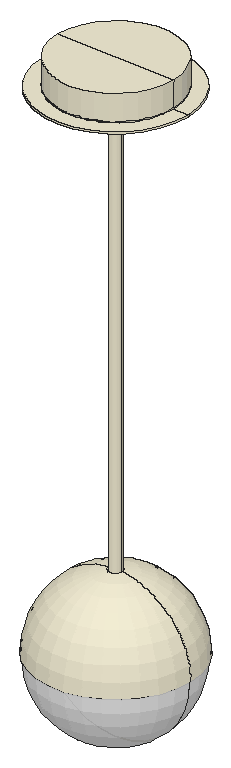
Revit family "3-6900 Mondo Pendant", category Lighting Fixtures, host Ceiling, Revit 2018
Family settings
  Host = Ceiling
  Round Connector Dimension = Use Diameter
  Part Type = Normal
  OmniClass Number = 23.80.70.11
  OmniClass Title = Luminaries for Internal Lighting
  Always vertical = Yes
  Cut with Voids When Loaded = No
  Light Source = Yes
  Shared = No
  Room Calculation Point = No
Parameters (values of type "3-6900-24 / Satin Nickel - Matte Opal Glass")
  Wattage Comments = "6.95 W at 120 V"  # constant formula
  Wattage = 6.95 W
  built-in parameter 1150110 = 1 (stored number, unit not read)
  Voltage Input = "120 V or 277 V - 50/60 Hz"  # constant formula
  Voltage = 120 V
  URL = "www.oxygenlighting.com"
  built-in parameter 1114217 = 1 (stored number, unit not read)
  Tilt Angle = 90.00°  # constant formula
  built-in parameter 1150109 = 1 (stored number, unit not read)
  built-in parameter 1150134 = (empty or 0)
  built-in parameter 1150113 = 1 (stored number, unit not read)
  References = "Ref. 3 = 120 V / Ref. 37 = 277 V"  # constant formula
  Photometric Web File = "3-6900-24 Mondo Pendant.ies"
  Model = "3-6900-xx / Mondo Pendant"  # constant formula
  Metal Finish = 24 - Satin Nickel
  Manufacturer = "Oxygen - Lighting & Fans"  # constant formula
  Lumens = 394.065 lm
  built-in parameter 1150115 = 1 (stored number, unit not read)
  built-in parameter 1150105 = 31.359 (stored number, unit not read)
  built-in parameter 1150137 = (empty or 0)
  built-in parameter 1150139 = (empty or 0)
  built-in parameter 1150112 = 1 (stored number, unit not read)
  built-in parameter 1150114 = 1 (stored number, unit not read)
  Lamp = "LED Array"  # constant formula
  built-in parameter 1150132 = (empty or 0)
  built-in parameter 1150102 = (empty or 0)
  built-in parameter 1150138 = (empty or 0)
  built-in parameter 1150107 = 3000 (stored number, unit not read)
  built-in parameter 1150106 = 0.31359 (stored number, unit not read)
  built-in parameter 1150104 = 5.2676 (stored number, unit not read)
  Dimming Lamp Color Temperature Shift = <None>
  Main Diffuser = Matte Opal Glass
  Color Filter = 16777215
  built-in parameter 1114218 = 1 (stored number, unit not read)
  built-in parameter 1150133 = 10 (stored number, unit not read)
Types (13): name | built-in parameter 1150134 | Metal Finish | built-in parameter 1150107
  (no name) | (empty or 0) | 24 - Satin Nickel | 3000 (stored number, unit not read)
  3-6900-24 / Satin Nickel - Matte Opal Glass | (empty or 0) | 24 - Satin Nickel | 3000 (stored number, unit not read)
  3-6900-40 / Aged Brass - Matte Opal Glass | (empty or 0) | 40 - Aged Brass | 3000 (stored number, unit not read)
  3-6900-15 / Black - Matte Opal Glass | (empty or 0) | 15 - Black | 3000 (stored number, unit not read)
  3-6900-2715 / Black - Matte Opal Glass | (empty or 0) | 15 - Black | 2700 (stored number, unit not read)
  3-6900-2724 / Satin Nickel - Matte Opal Glass | (empty or 0) | 24 - Satin Nickel | 3000 (stored number, unit not read)
  3-6900-2740 / Aged Brass - Matte Opal Glass | (empty or 0) | 40 - Aged Brass | 2700 (stored number, unit not read)
  3-6900-3515 / Black - Matte Opal Glass | (empty or 0) | 15 - Black | 3500 (stored number, unit not read)
  3-6900-3524 / Satin Nickel - Matte Opal Glass | (empty or 0) | 24 - Satin Nickel | 3500 (stored number, unit not read)
  3-6900-3540 / Aged Brass - Matte Opal Glass | (empty or 0) | 40 - Aged Brass | 3500 (stored number, unit not read)
  3-6900-4015 / Black - Matte Opal Glass | 12 | 15 - Black | 4000 (stored number, unit not read)
  3-6900-4024 / Satin Nickel - Matte Opal Glass | 12 | 24 - Satin Nickel | 4000 (stored number, unit not read)
  3-6900-4040 / Aged Brass - Matte Opal Glass | 12 | 40 - Aged Brass | 4000 (stored number, unit not read)
Reference planes (in)
  plane 1 "Light Source Axis (F/B)": y = 0
  plane 2 "Ceiling": z = 96
  plane 3 "Light Source Axis (L/R)": x = 0
  plane 4 "Light Source Elevation": z = 74.39579
  plane 5: z = 94.87795
  plane 6: z = 94.6811
Forms (in)
  Extrusion 1, solid, material "24 - Satin Nickel" <- "Metal Finish"
    sketch origin (0, 0, 0) x (1, 0, 0) y (0, 1, 0)
      loop
        line (0, 0.62961) -> (-0.05867, 0.59573) -> (-0.12283, 0.61751) -> (-0.17377, 0.57284) -> (-0.24094, 0.58168) -> (-0.28218, 0.52793) -> (-0.34979, 0.5235) -> (-0.37976, 0.46273) -> (-0.4452, 0.4452) -> (-0.46273, 0.37976) -> (-0.5235, 0.34979) -> (-0.52793, 0.28218) -> (-0.58168, 0.24094) -> (-0.57284, 0.17377) -> (-0.61751, 0.12283) -> (-0.59573, 0.05867) -> (-0.62961, 0) -> (-0.59573, -0.05867) -> (-0.61751, -0.12283) -> (-0.57284, -0.17377) -> (-0.58168, -0.24094) -> (-0.52793, -0.28218) -> (-0.5235, -0.34979) -> (-0.46273, -0.37976) -> (-0.4452, -0.4452) -> (-0.37976, -0.46273) -> (-0.34979, -0.5235) -> (-0.28218, -0.52793) -> (-0.24094, -0.58168) -> (-0.17377, -0.57284) -> (-0.12283, -0.61751) -> (-0.05867, -0.59573) -> (0, -0.62961) -> (0.05867, -0.59573) -> (0.12283, -0.61751) -> (0.17377, -0.57284) -> (0.24094, -0.58168) -> (0.28218, -0.52793) -> (0.34979, -0.5235) -> (0.37976, -0.46273) -> (0.4452, -0.4452) -> (0.46273, -0.37976) -> (0.5235, -0.34979) -> (0.52793, -0.28218) -> (0.58168, -0.24094) -> (0.57284, -0.17377) -> (0.61751, -0.12283) -> (0.59573, -0.05867) -> (0.62961, 0) -> (0.59573, 0.05867) -> (0.61751, 0.12283) -> (0.57284, 0.17377) -> (0.58168, 0.24094) -> (0.52793, 0.28218) -> (0.5235, 0.34979) -> (0.46273, 0.37976) -> (0.4452, 0.4452) -> (0.37976, 0.46273) -> (0.34979, 0.5235) -> (0.28218, 0.52793) -> (0.24094, 0.58168) -> (0.17377, 0.57284) -> (0.12283, 0.61751) -> (0.05867, 0.59573) -> (0, 0.62961)
    from 94.6811 to 94.87795
  Revolve 2, solid, material "24 - Satin Nickel" <- "Metal Finish"
    sketch origin (0, 0, 0) x (1, 0, 0) y (0, 0, 1)
      loop
        line (2.3622, 96) -> (0, 96) -> (0, 94.87795) -> (2.95276, 94.87795) -> (2.95276, 94.93701) -> (2.32283, 94.93701)
        arc (2.32283, 94.93701) -> (2.35067, 94.94854) -> (2.3622, 94.97638) r 0.03937
        line (2.3622, 94.97638) -> (2.3622, 96)
      loop
        line (0.47244, 94.64173) -> (0.47244, 94.6811) -> (0, 94.6811) -> (0, 77.41473) -> (0.23622, 77.41473) -> (0.23622, 93.93307) -> (0.31496, 93.93307) -> (0.31496, 94.01181) -> (0.20669, 94.01181) -> (0.20669, 94.07087)
        arc (0.20669, 94.07087) -> (0.25783, 94.11561) -> (0.29948, 94.16929) r 0.35433
        line (0.29948, 94.16929) -> (0.43307, 94.16929) -> (0.43307, 94.60236) -> (0.47244, 94.64173)
      axis (0, 96) -> (0, 77.41473)
    angle from 0 to 360
  Revolve 3, solid, material "24 - Satin Nickel" <- "Metal Finish"
    sketch origin (0, 0, 0) x (1, 0, 0) y (0, 0, 1)
      loop
        line (0, 77.41473) -> (0, 77.37473) -> (0.27376, 77.37473)
        arc (0.27376, 77.37473) -> (2.20998, 76.41198) -> (2.9915, 74.39579) r 2.9915
        line (2.9915, 74.39579) -> (3.0315, 74.39579)
        arc (3.0315, 74.39579) -> (2.23891, 76.43962) -> (0.27559, 77.41473) r 3.0315
        line (0.27559, 77.41473) -> (0, 77.41473)
      axis (0, 77.41473) -> (0, 74.39579)
    angle from 0 to 360
  Revolve 4, solid, material "Matte Opal Glass" <- "Main Diffuser"
    sketch origin (0, 0, 0) x (1, 0, 0) y (0, 0, 1)
      loop
        arc (0, 71.35842) -> (2.13169, 72.25085) -> (2.99178, 74.39579) r 2.99213
        line (2.99178, 74.39579) -> (0, 74.39579) -> (0, 71.35842)
      axis (0, 74.39579) -> (0, 71.35842)
    angle from 0 to 360
Dimensions and locks (in)
  equal spacing: host sketch curve, plane 3 "Light Source Axis (L/R)", host sketch curve
  equal spacing: host sketch curve, plane 1 "Light Source Axis (F/B)", host sketch curve
  host sketch curve to host sketch curve = 120.00"  (x2)
  locked: plane 2 "Ceiling" to plane 4 "Light Source Elevation" at 21.60421
  locked: plane 5 to plane 6 at 0.19685
  locked: plane 2 "Ceiling" to plane 5 at 1.12205
  aligned and locked: plane 3 "Light Source Axis (L/R)" to imposter light
  aligned and locked: plane 1 "Light Source Axis (F/B)" to imposter light
  aligned and locked: plane 4 "Light Source Elevation" to imposter light
  aligned and locked: Extrusion 1 to plane 5
  aligned and locked: plane 6 to Extrusion 1
  aligned and locked: Revolve 2 sketch curve to plane 3 "Light Source Axis (L/R)"
  aligned and locked: Revolve 2 sketch curve to plane 2 "Ceiling"
Connectors (in)
  electrical at (0, 0, 96), driven by "Voltage"
    settings: on Revolve 2, index 1, voltage 120 V, apparent load 0 VA, apparent load phase1 0 VA, apparent load phase2 0 VA, apparent load phase3 0 VA, power factor 1, load classification "Other", number of poles 1, system type 31, power factor state 1, is connector primary yes, connector utility no, sub classification motor no, connector description ""
